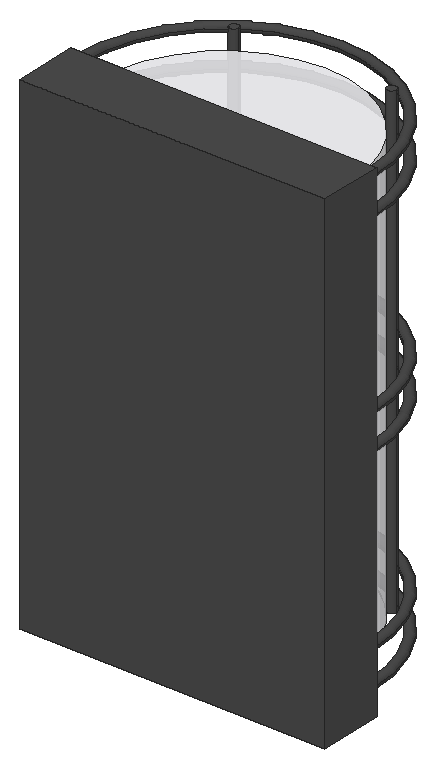
Revit family "TLI - Royal FLD - Wall", category Lighting Fixtures, host Wall, Revit 2014
Parameters (values of type "QE 1 -  26W - 277V")
  Width = 0' - 8 1/4"
  Wet Location [instance] = yes
  Watts = 26 W
  Wattage = 12.1178 W
  built-in parameter 1150110 = 1 (stored number, unit not read)
  Voltage = 277 V
  URL = "http://teronlighting.com/"
  built-in parameter 1114217 = 0.81 (stored number, unit not read)
  Tilt Angle = 0.00°
  built-in parameter 1150109 = 1 (stored number, unit not read)
  built-in parameter 1150134 = (empty or 0)
  built-in parameter 1150113 = 1 (stored number, unit not read)
  Requires Special Disposal = no
  Remote Battery = no
  Product Page URL = "http://teronlighting.com/products/royal/"
  Product Documentation URL = "http://teronlighting.com/wp-content/uploads/Royal.pdf"
  Product = "Royal FLD"
  Point of Final Manufacture = "Fairfield, OH, USA"
  Photometric Web File = "generic.ies"
  Percentage Pre-Consumer = 0
  Percentage Post-Consumer = 0
  Number of Lamps = 1
  built-in parameter 1150142 = (empty or 0)
  Multi-Tap Ballast [instance] = no
  Mounting Type = "4\" Junction Box"
  Model = "RL - F126Q -FLD"
  MasterFormat 2004 Title = "Exterior Lighting"
  MasterFormat 2004 Number = "26.56.00"
  Manufacturer Telephone = "01-513-858-6004"
  Manufacturer Email = "sales@teronlight.com"
  Manufacturer Address = "33 Donald Drive Fairfield, OH 45014"
  Manufacturer = "Teron Lighting"
  Lumens = 1800 lm
  built-in parameter 1150115 = 1 (stored number, unit not read)
  built-in parameter 1150105 = 143.24 (stored number, unit not read)
  built-in parameter 1150137 = (empty or 0)
  built-in parameter 1150139 = 0.81 (stored number, unit not read)
  Length = 1' - 1 1/2"
  built-in parameter 1150112 = 1 (stored number, unit not read)
  built-in parameter 1150114 = 1 (stored number, unit not read)
  Lamp Base = "4-Pin"
  Lamp = "1 - 26W QE"
  Integral Battery = no
  built-in parameter 1150132 = 2
  built-in parameter 1150102 = 3600
  built-in parameter 1150138 = 4100 (stored number, unit not read)
  built-in parameter 1150107 = 4100 (stored number, unit not read)
  Industry Standards = "ETL"
  built-in parameter 1150106 = 1.4324 (stored number, unit not read)
  Fixture Material = Paint - TLI - Textured Black
  Fixture = "Steel"
  Finish = "Textured Black"
  Emergency Light Fixture [instance] = no
  Electronic Ballast [instance] = yes
  built-in parameter 1150104 = 13.8 (stored number, unit not read)
  Distributor Locations = "USA, Canada, Puerto Rico"
  Dimming Lamp Color Temperature Shift = <None>
  Dimming Ballast [instance] = no
  Diffuser Material = Acrylic - TLI - Luminous White
  Diffuser = "Luminous White Acrylic"
  Description = "Architectectural Outdoor"
  Depth = 0' - 6"
  Date Created = "11.25.2013"
  Created By = "RenderSpec  http://rederspec.com"
  Cost = 0
  Conditions of Use = "Elements are representations. Color and detail may differ from actual product. Information is for general use and should be reviewed by a Professional."
  Color Filter = 16777215
  built-in parameter 1114218 = 1 (stored number, unit not read)
  built-in parameter 1150133 = 10 (stored number, unit not read)
  Apparent Load = 26 VA
  Amps = 1
  ADA Compliant = no
Types (16): name | Watts | Wattage | Voltage | Number of Lamps | Multi-Tap Ballast | Model | Lumens | built-in parameter 1150105 | Lamp | built-in parameter 1150138 | built-in parameter 1150106 | Apparent Load
  QE 1 -  13W - 120V | 13 W | 6.05889 W | 120 V | 1 | yes | "RL - F113Q-FLD" | 900 lm | 71.62 (stored number, unit not read) | "1 - 13W QE" | 4100 (stored number, unit not read) | 0.7162 (stored number, unit not read) | 13 VA
  QE 1 -  13W - 277V | 13 W | 6.05889 W | 277 V | 1 | yes | "RL - F113Q-FLD" | 900 lm | 71.62 (stored number, unit not read) | "1 - 13W QE" | 4100 (stored number, unit not read) | 0.7162 (stored number, unit not read) | 13 VA
  QE 2 -  13W - 120V | 26 W | 1.86479 W | 120 V | 2 | yes | "RL - F213Q-FLD" | 277 lm | 22.043 (stored number, unit not read) | "2 - 18W QE" | 4100 (stored number, unit not read) | 0.22043 (stored number, unit not read) | 26 VA
  QE 2 -  13W - 277V | 26 W | 1.86479 W | 277 V | 2 | yes | "RL - F213Q-FLD" | 277 lm | 22.043 (stored number, unit not read) | "2 - 18W QE" | 4100 (stored number, unit not read) | 0.22043 (stored number, unit not read) | 26 VA
  QE 1 -  18W - 120V | 18 W | 8.41513 W | 120 V | 1 | yes | "RL - F118Q-FLD" | 1250 lm | 99.472 (stored number, unit not read) | "1 - 18W QE" | 2700 (stored number, unit not read) | 0.99472 (stored number, unit not read) | 18 VA
  QE 1 -  18W - 277V | 18 W | 84.1513 W | 277 V | 1 | yes | "RL - F118Q-FLD" | 12500 lm | 994.72 (stored number, unit not read) | "1 - 18W QE" | 2700 (stored number, unit not read) | 9.9472 (stored number, unit not read) | 18 VA
  QE 2 -  18W - 120V | 36 W | 16.8303 W | 120 V | 2 | yes | "RL - F218Q-FLD" | 2500 lm | 198.94 (stored number, unit not read) | "2 - 18W QE" | 2700 (stored number, unit not read) | 1.9894 (stored number, unit not read) | 36 VA
  QE 2 -  18W - 277V | 36 W | 16.8303 W | 277 V | 2 | yes | "RL - F218Q-FLD" | 2500 lm | 198.94 (stored number, unit not read) | "2 - 18W QE" | 2700 (stored number, unit not read) | 1.9894 (stored number, unit not read) | 36 VA
  QE 1 -  26W - 120V | 26 W | 12.1178 W | 120 V | 1 | no | "RL - F126Q -FLD" | 1800 lm | 143.24 (stored number, unit not read) | "1 - 26W QE" | 4100 (stored number, unit not read) | 1.4324 (stored number, unit not read) | 26 VA
  QE 1 -  26W - 277V | 26 W | 12.1178 W | 277 V | 1 | no | "RL - F126Q -FLD" | 1800 lm | 143.24 (stored number, unit not read) | "1 - 26W QE" | 4100 (stored number, unit not read) | 1.4324 (stored number, unit not read) | 26 VA
  QE 2 -  26W - 120V | 52 W | 24.2356 W | 120 V | 2 | no | "RL - F226Q -FLD" | 3600 lm | 286.48 (stored number, unit not read) | "2 - 26W TBX" | 4100 (stored number, unit not read) | 2.8648 (stored number, unit not read) | 52 VA
  QE 2 -  26W - 277V | 52 W | 24.2356 W | 277 V | 2 | no | "RL - F226Q-FLD" | 3600 lm | 286.48 (stored number, unit not read) | "2 - 26W TBX" | 4100 (stored number, unit not read) | 2.8648 (stored number, unit not read) | 52 VA
  TBX 1 -  32W - 120V | 32 W | 16.1571 W | 120 V | 1 | no | "RL - F132X-FLD" | 2400 lm | 190.99 (stored number, unit not read) | "1 - 32W  TBX" | 4100 (stored number, unit not read) | 1.9099 (stored number, unit not read) | 32 VA
  TBX 1 -  32W - 277V | 32 W | 16.1571 W | 277 V | 1 | no | "RL - F132X-FLD" | 2400 lm | 190.99 (stored number, unit not read) | "1 - 32W  TBX" | 4100 (stored number, unit not read) | 1.9099 (stored number, unit not read) | 32 VA
  TBX 1 -  42W - 120V | 42 W | 21.5427 W | 120 V | 1 | no | "RL - F142X-FLD" | 3200 lm | 254.65 (stored number, unit not read) | "1 - 42W TBX" | 4100 (stored number, unit not read) | 2.5465 (stored number, unit not read) | 42 VA
  TBX 1 -  42W - 277V | 42 W | 21.5427 W | 277 V | 1 | no | "RL - F142X-FLD" | 3200 lm | 254.65 (stored number, unit not read) | "1 - 42W TBX" | 4100 (stored number, unit not read) | 2.5465 (stored number, unit not read) | 42 VA
Reference planes (in)
  plane 1: y = 0
  plane 2 "Light Source Axis (L/R)": x = -1.43133
  plane 3 "Light Source Elevation": z = 59.99046
  plane 4: y = 5
Text (in)
  text "Placement Side" at (0, 40.15149, 117.0711), in view "Right"
  text "Placement Side" at (-70.3804, 28.46503, 0), in view "Ref. Level"
  text "Placement Side" at (0, 47.49176, 118.91627), in view "Left"
Dimensions and locks (in)
  host wall to plane 4 = 0' - 2"
  locked: nested 2 to plane 4 at 2
  aligned and locked: plane 2 "Light Source Axis (L/R)" to imposter light
  aligned and locked: plane 3 "Light Source Elevation" to imposter light
  aligned and locked: nested 1 to plane 2 "Light Source Axis (L/R)"
  aligned and locked: nested 1 to host wall
Nested families (in)
  nested 1: "Wall Mounted Light Fixture" at (-1.43133, 3, 0), Emergency Light Fixture <- "Emergency Light Fixture", type "Wall Mounted Light Fixture"
    with Emergency Light Fixture no
  nested 2: "Royal FLD" at (-1.43133, 3, 60.03469), type "Royal FLD"
Connectors (in)
  electrical at (-1.43133, 3, 60.03469), driven by "Apparent Load", driven by "Voltage"
    settings: on nested 2, index 1, voltage 277 V, apparent load 26 VA, apparent load phase1 0 VA, apparent load phase2 0 VA, apparent load phase3 0 VA, power factor 1, load classification "Other", number of poles 1, system type 30, power factor state 1, is connector primary yes, connector utility no, sub classification motor no, connector description ""
Definition of nested family "Royal FLD"
  Parameters (values of type "Royal FLD")
    Fixture Material = none
    Diffuser Material = none
  Reference planes (in)
    plane 1 "Center (Front/Back)": y = 0
    plane 2: z = 0
    plane 3 "Center (Left/Right)": x = 0
  Forms (in)
    Extrusion 1, solid, material <- "Fixture Material"
      sketch origin (-4.92126, -3.11303, 3.3125) x (1, 0, 0) y (0, 1, 0)
        loop
          line (0.73376, 3.11303) -> (9.10876, 3.11303) -> (9.10876, 4.86865) -> (0.73376, 4.86865) -> (0.73376, 3.11303)
      from -10.0625 to 3.4375
    Sweep 2, solid, material <- "Fixture Material"
      path origin (-4.92126, -3.19714, 5.65625) x (1, 0, 0) y (0, 1, 0)
        loop
          arc (8.92126, 4.95276) -> (4.92126, 8.95276) -> (0.92126, 4.95276) r 4
      profile origin (0, 5.75562, 5.65625) x (0, -1, 0) y (0, 0, 1)
        loop
          circle (0, -0.125) r 0.125
    Extrusion 3, solid, material <- "Fixture Material"
      sketch origin (-4.92126, -2.94714, 3.3125) x (1, 0, 0) y (0, 1, 0)
        loop
          circle (2.75722, 7.7615) r 0.125
        loop
          circle (7.0853, 7.7615) r 0.125
      from -9.49743 to 3.32949
    Extrusion 4, solid, material <- "Diffuser Material"
      sketch origin (-4.92126, -3.19714, 3.3125) x (1, 0, 0) y (0, 1, 0)
        loop
          line (1.42126, 4.95276) -> (8.42126, 4.95276)
          arc (8.42126, 4.95276) -> (4.92126, 8.45276) -> (1.42126, 4.95276) r 3.5
      from 2.875 to -9.0625
    Sweep 5, solid, material <- "Fixture Material"
      path origin (-4.92126, -3.19714, 6.64396) x (1, 0, 0) y (0, 1, 0)
        loop
          arc (8.92126, 4.95276) -> (4.92126, 8.95276) -> (0.92126, 4.95276) r 4
      profile origin (0, 5.75562, 6.64396) x (0, -1, 0) y (0, 0, 1)
        loop
          circle (0, -0.125) r 0.125
    Sweep 6, solid, material <- "Fixture Material"
      path origin (-4.92126, -3.19714, 0.82991) x (1, 0, 0) y (0, 1, 0)
        loop
          arc (8.92126, 4.95276) -> (4.92126, 8.95276) -> (0.92126, 4.95276) r 4
      profile origin (0, 5.75562, 0.82991) x (0, -1, 0) y (0, 0, 1)
        loop
          circle (0, -0.125) r 0.125
    Sweep 7, solid, material <- "Fixture Material"
      path origin (-4.92126, -3.19714, -0.1332) x (1, 0, 0) y (0, 1, 0)
        loop
          arc (8.92126, 4.95276) -> (4.92126, 8.95276) -> (0.92126, 4.95276) r 4
      profile origin (0, 5.75562, -0.1332) x (0, -1, 0) y (0, 0, 1)
        loop
          circle (0, -0.125) r 0.125
    Sweep 8, solid, material <- "Fixture Material"
      path origin (-4.92126, -3.19714, -5.9375) x (1, 0, 0) y (0, 1, 0)
        loop
          arc (8.92126, 4.95276) -> (4.92126, 8.95276) -> (0.92126, 4.95276) r 4
      profile origin (0, 5.75562, -5.9375) x (0, -1, 0) y (0, 0, 1)
        loop
          circle (0, -0.125) r 0.125
    Sweep 9, solid, material <- "Fixture Material"
      path origin (-4.92126, -3.19714, -4.96875) x (1, 0, 0) y (0, 1, 0)
        loop
          arc (8.92126, 4.95276) -> (4.92126, 8.95276) -> (0.92126, 4.95276) r 4
      profile origin (0, 5.75562, -4.96875) x (0, -1, 0) y (0, 0, 1)
        loop
          circle (0, -0.125) r 0.125
  Dimensions and locks (in)
    aligned and locked: plane 2 to level
Definition of nested family "Wall Mounted Light Fixture"
  Parameters (values of type "Wall Mounted Light Fixture")
    Emergency Light Fixture [instance] = no
  Reference planes (in)
    plane 1: y = 0
    plane 2: x = 0
  Lines and regions (in)
    detail lines, built-in parameter 1006310 <- "Emergency Light Fixture"
      curve 1: circle (0, 0.125, 0) r 0.0625 normal (0, 0, 1)
    detail lines
      curve 2: line (-0.0625, 0, 0) -> (0.0625, 0, 0)
      curve 3: line (0, 0, 0) -> (0, 0.0625, 0)
